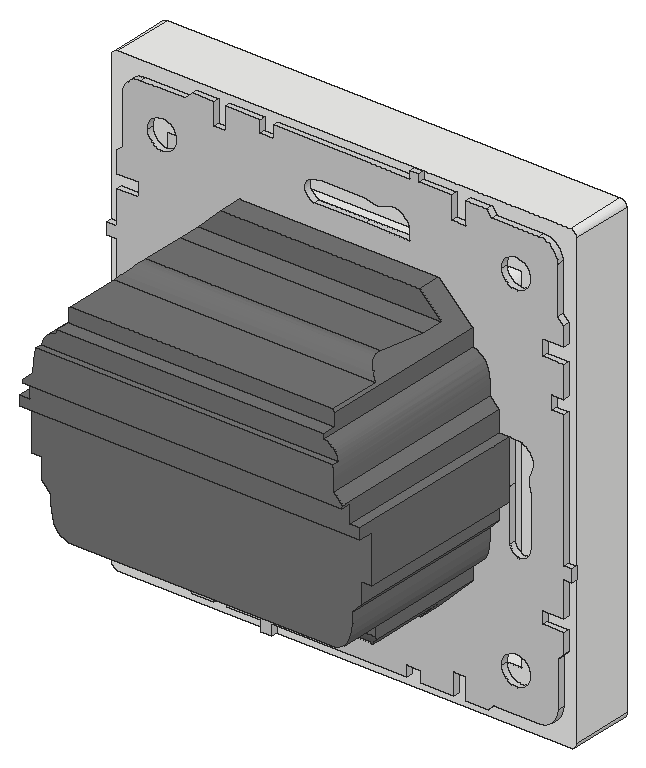
Revit family "IEK_L4_СетеваяРозетка_BRITE_1мест_(РЭК)_Скрытый", category Электрические приборы, Revit 2019 (continued)
Definition of nested family "⚠_IEK_Рамка_Встраиваемая_BRITE_1мест"
  Automatic sketch dimensions
    plane 13 to Extrusion 2 sketch curve = 1.234 mm
    plane 12 to Extrusion 2 sketch curve = 1.234 mm
Definition of nested family "⚠_IEK_Коробка_Встраиваемая_1мест"
  Parameters (values of type "Коробка_распаячная_КМ41004_(d80x40)_IP20_Для твердых стен_Белый")
    Степень защиты IP = "IP20"
    Создатель семейства = "bim@sozutovvd.ru"
    Description = "Установочные и распределительные коробки данной серии предназначены для монтажа в сплошные кирпичные или бетонные стены различных электроустановочных изделий: розеток, выключателей, диммеров. Используя крышку, изделия можно применять в качестве распаячной (разветвительной) коробки для развода кабеля и проводов.\r\n\r\n- Материал изготовления - полипропилен. Основание коробки выполнено из АБС-пластика, крышка из полистирола.\r\n\r\n- Степень защиты - IP20."
    Крышка [instance] = no
    Manufacturer = "IEK"  # constant formula
    Видимость коробки [instance] = yes
    URL = "https://www.iek.ru/"
    ADSK_Размер_Ширина = 80 mm
    ADSK_Размер_Глубина = 45 mm
    ADSK_Примечание [instance] = ""
    ADSK_Обозначение = ""
    ADSK_Наименование краткое = "Коробка распаячная КМ41004 (80x40)"
    ADSK_Наименование = "Коробка распаячная КМ41004 d80x40мм для твердых стен (с крышкой) IEK"
    ADSK_Материал наименование = "Пластик белый"
    ADSK_Материал = none
    ADSK_Масса = 0.041
    ADSK_Марка = "КМ"
    ADSK_Код изделия = "UKT01-080-040-000"
    ADSK_Завод-изготовитель = "IEK"  # constant formula
    ADSK_Единица измерения = "шт"  # constant formula
    ADSK_Группирование = "Коробки монтажные"
    ADSK_Версия семейства = "v1.0"
    ADSK_Версия Revit = "2019"
    ADSK_URL страницы изделия = "https://www.iek.ru/products/catalog/sistemy_dlya_prokladki_kabelya/korobki_montazhnye/korobki_montazhnye/korobki_montazhnye_dlya_skrytoy_ustanovki/korobka_raspayachnaya_km41004_d80x40mm_dlya_tverdykh_sten_s_kryshkoy_iek"
  Reference planes
    plane 1 "По центру (Вперед/Назад)": y = 0
    plane 2: z = 0
    plane 3 "По центру (Влево/Вправо)": x = 0
    plane 4: z = 20
    plane 5: z = -20
    plane 6: x = 40
    plane 7: x = -40
    plane 8: y = -45
  Forms (mm)
    Extrusion 1, solid, material <- "ADSK_Материал", visible <- "Видимость коробки", detail levels fine
      sketch origin (0, 0, 0) x (1, 0, 0) y (0, 0, 1)
        loop
          circle (0, 0) r 40
        loop
          circle (0, 0) r 42
      from 0 to 45
    Extrusion 2, solid, material <- "ADSK_Материал", visible <- "Видимость коробки", detail levels fine
      sketch origin (0, 0, 0) x (1, 0, 0) y (0, 0, 1)
        loop
          circle (0, 0) r 40
      from 43 to 45
    Extrusion 3, solid, material <- "ADSK_Материал", visible <- "Видимость коробки", detail levels fine
      sketch origin (0, 0, 0) x (1, 0, 0) y (0, 0, 1)
        loop
          circle (0, 0) r 42
        loop
          circle (0, 0) r 44.007
      from 0 to 1
    Extrusion 4, solid, material <- "ADSK_Материал", visible <- "Крышка", detail levels fine
      sketch origin (0, 0, 0) x (1, 0, 0) y (0, 0, 1)
        loop
          circle (0, 0) r 44.007
      from -1 to 0
    Extrusion 5, void
      sketch origin (0, 0, 0) x (1, 0, 0) y (0, 0, 1)
        loop
          circle (0, 0) r 15
      from 43 to 45
    Extrusion 6, void
      sketch origin (0, 0, 0) x (1, 0, 0) y (0, 1, 0)
        loop
          line (-10, -45) -> (10, -45) -> (10, -32.842)
          spline (10, -32.842) -> (9.616, -31.489) -> (9.15, -30.245) -> (8.602, -29.111) -> (7.973, -28.087) -> (7.262, -27.172) -> (6.47, -26.367) -> (5.595, -25.671) -> (4.64, -25.086) -> (3.602, -24.609) -> (2.483, -24.243) -> (1.282, -23.986) -> (0, -23.838)
          spline (0, -23.838) -> (-1.282, -23.986) -> (-2.483, -24.243) -> (-3.602, -24.609) -> (-4.64, -25.086) -> (-5.595, -25.671) -> (-6.47, -26.367) -> (-7.262, -27.172) -> (-7.973, -28.087) -> (-8.602, -29.111) -> (-9.15, -30.245) -> (-9.616, -31.489) -> (-10, -32.842)
          line (-10, -32.842) -> (-10, -45)
      from 40.128 to 47.252
    Extrusion 7, void
      sketch origin (0, 0, 0) x (1, 0, 0) y (0, 1, 0)
        loop
          line (-10, -45) -> (10, -45) -> (10, -32.842)
          spline (10, -32.842) -> (9.616, -31.489) -> (9.15, -30.245) -> (8.602, -29.111) -> (7.973, -28.087) -> (7.262, -27.172) -> (6.47, -26.367) -> (5.595, -25.671) -> (4.64, -25.086) -> (3.602, -24.609) -> (2.483, -24.243) -> (1.282, -23.986) -> (0, -23.838)
          spline (0, -23.838) -> (-1.282, -23.986) -> (-2.483, -24.243) -> (-3.602, -24.609) -> (-4.64, -25.086) -> (-5.595, -25.671) -> (-6.47, -26.367) -> (-7.262, -27.172) -> (-7.973, -28.087) -> (-8.602, -29.111) -> (-9.15, -30.245) -> (-9.616, -31.489) -> (-10, -32.842)
          line (-10, -32.842) -> (-10, -45)
      from -42.032 to -40.242
    Extrusion 8, void
      sketch origin (0, 0, 0) x (1, 0, 0) y (0, 1, 0)
        loop
          circle (0, -32.842) r 7.953
      from -45.842 to 43.361
    Extrusion 9, void
      sketch origin (0, 0, 0) x (0, 1, 0) y (0, 0, 1)
        loop
          circle (-32.002, 0) r 10
      from -42.317 to 42.269
  Cuts and joins
    Extrusion 5, Extrusion 6, Extrusion 7, Extrusion 8, Extrusion 9 cuts Extrusion 1
    Extrusion 5, Extrusion 7 cuts Extrusion 2
    Extrusion 5, Extrusion 7 cuts Extrusion 3
    joined: Extrusion 1, Extrusion 2, Extrusion 3
  Lines and regions (mm)
    symbolic lines, detail levels medium
      curve 1: line (-40, 0, 0) -> (-40, -45, 0)
      curve 2: line (40, -45, 0) -> (40, 0, 0)
      curve 3: line (-40, 0, 0) -> (40, 0, 0)
      curve 4: line (-40, -45, 0) -> (40, -45, 0)
  Dimensions and locks
    equal spacing: plane 7, plane 3 "По центру (Влево/Вправо)", plane 6
    "ADSK_Размер_Ширина": plane 7 to plane 6
    "ADSK_Размер_Глубина": plane 8 to plane 1 "По центру (Вперед/Назад)"
    "ADSK_Размер_Ширина": diameter of Extrusion 1 sketch curve
    aligned and locked: level to plane 2
    aligned and locked: plane 8 to Extrusion 1
    aligned and locked: Extrusion 1 to plane 1 "По центру (Вперед/Назад)"
    aligned and locked: Extrusion 1 to Extrusion 2
    aligned and locked: plane 7 to curve 1
    aligned and locked: plane 6 to curve 2
    aligned and locked: plane 1 "По центру (Вперед/Назад)" to curve 3
    aligned and locked: plane 8 to curve 4
  Automatic sketch dimensions
    Extrusion 2 sketch curve to level = 0 mm
    Extrusion 2 sketch curve to plane 3 "По центру (Влево/Вправо)" = 0 mm
    Extrusion 3 sketch curve to Extrusion 3 sketch curve = 0 mm  (x2)
    Extrusion 3 sketch curve to level = 0 mm
    Extrusion 3 sketch curve to plane 3 "По центру (Влево/Вправо)" = 0 mm
    Extrusion 4 sketch curve to level = 0 mm
    Extrusion 4 sketch curve to plane 3 "По центру (Влево/Вправо)" = 0 mm
    Extrusion 5 sketch curve to level = 0 mm
    Extrusion 5 sketch curve to plane 3 "По центру (Влево/Вправо)" = 0 mm
    plane 8 to Extrusion 6 sketch curve = 0 mm
    Extrusion 6 sketch curve to plane 3 "По центру (Влево/Вправо)" = 0 mm
    Extrusion 6 sketch curve to plane 3 "По центру (Влево/Вправо)" = 10 mm
    plane 3 "По центру (Влево/Вправо)" to Extrusion 6 sketch curve = 10 mm
    Extrusion 6 sketch curve to plane 8 = 12.158 mm  (x2)
    Extrusion 6 sketch curve to Extrusion 6 sketch curve = 9.004 mm
    Extrusion 7 sketch curve to plane 3 "По центру (Влево/Вправо)" = 0 mm
    Extrusion 7 sketch curve to plane 3 "По центру (Влево/Вправо)" = 10 mm
    plane 3 "По центру (Влево/Вправо)" to Extrusion 7 sketch curve = 10 mm
    plane 8 to Extrusion 7 sketch curve = 0 mm
    Extrusion 7 sketch curve to Extrusion 7 sketch curve = 12.158 mm  (x2)
    Extrusion 7 sketch curve to Extrusion 7 sketch curve = 9.004 mm
    Extrusion 8 sketch curve to plane 3 "По центру (Влево/Вправо)" = 0 mm
    Extrusion 8 sketch curve to plane 8 = 12.158 mm
    Extrusion 9 sketch curve to level = 0 mm
    Extrusion 9 sketch curve to plane 8 = 12.998 mm
    Extrusion 1 sketch curve to Extrusion 1 sketch curve = 0 mm  (x2)
    Extrusion 1 sketch curve to level = 0 mm
    Extrusion 1 sketch curve to plane 3 "По центру (Влево/Вправо)" = 0 mm
    radius of Extrusion 2 sketch curve = 40 mm
    radius of Extrusion 3 sketch curve = 42 mm
    radius of Extrusion 3 sketch curve = 44.007 mm
    radius of Extrusion 4 sketch curve = 44.007 mm
    radius of Extrusion 5 sketch curve = 15 mm
    radius of Extrusion 8 sketch curve = 7.953 mm
    radius of Extrusion 9 sketch curve = 10 mm
    radius of Extrusion 1 sketch curve = 42 mm
Definition of nested family "УГО_СетеваяРозетка"
  Parameters (values of type "TV")
    УГО_TV+SAT [instance] = no
    УГО_TV+RJ45 [instance] = no
    УГО_TV [instance] = yes
    УГО_RJ45 [instance] = no
    УГО_HDMI [instance] = no
    УГО_2RJ45 [instance] = no
  Types (6, lengths in mm): name | УГО_TV+SAT | УГО_TV+RJ45 | УГО_TV | УГО_RJ45 | УГО_HDMI | УГО_2RJ45
    TV | no | no | yes | no | no | no
    HDMI | no | no | no | no | yes | no
    RJ45 | no | no | no | yes | no | no
    2xRJ45 | no | no | no | no | no | yes
    TV+SAT | yes | no | no | no | no | no
    TV+RJ45 | no | yes | no | no | no | no
  Reference planes
    plane 1: y = 0
    plane 2: x = 0
  Lines and regions (mm)
    detail lines, not visible
      curve 1: line (0, 0, 0) -> (0, -5, 0)
    detail lines
      curve 2: line (-2.5, 0, 0) -> (2.5, 0, 0)
      curve 3: arc (-2.5, 0, 0) -> (0, 2.5, 0) -> (2.5, 0, 0) r 2.5
      curve 4: line (0, 2.5, 0) -> (0, 5, 0)
      curve 5: line (-2.5, 2.5, 0) -> (2.5, 2.5, 0)
      curve 6: line (0, 0, 0) -> (0, 2.5, 0)
  Text (mm)
    text "HDMI" at (1.828, 7.724, 0), visible <- "УГО_HDMI"
    text "TV" at (7.078, 5.344, 0), visible <- "УГО_TV"
    text "TV+SAT" at (10.967, 5.344, 0), visible <- "УГО_TV+SAT"
    text "TV+RJ45" at (11.867, 5.344, 0), visible <- "УГО_TV+RJ45"
    text "RJ45" at (7.078, 5.344, 0), visible <- "УГО_RJ45"
    text "2xRJ45" at (9.599, 5.344, 0), visible <- "УГО_2RJ45"
